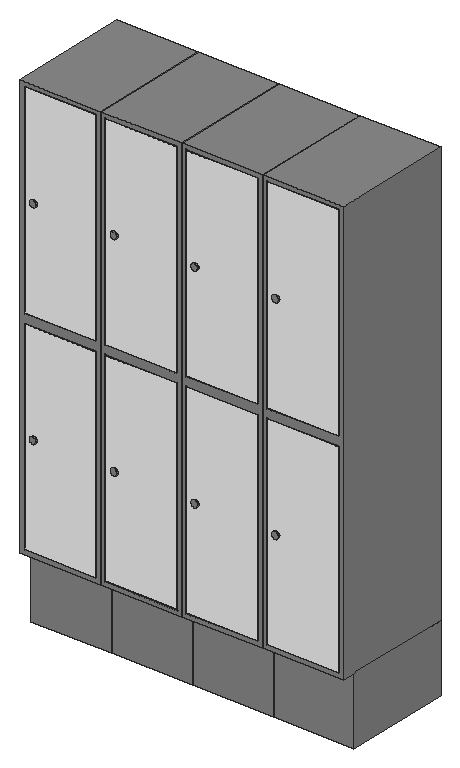
Revit family
Parameters (values of type "Locker x2 Row")
  Plinth Setback = 50 mm
  Plinth Height = 250 mm
  No of Lockers [instance] = 4
  Material Lockers = Paint - Grey
  Material Doors = Paint - White
  Lockers Depth = 450 mm
  Locker Width = 300 mm
  Locker Height = 1575 mm
  Keynote = "N"
  Assembly Code = ""
Reference planes
  plane 1 "Center (Front/Back)": y = 0
  plane 2: z = 0
  plane 3 "Center (Left/Right)": x = 0
Lines and regions (mm)
  Masking region 1
    outline origin (0, 0, 0) x (1, 0, 0) y (0, 1, 0)
      loop
        line (-150, 0) -> (-150, -450) -> (1050, -450) -> (1050, 0) -> (-150, 0)
Dimensions and locks
  equal spacing: group 1, group 2, group 3, group 4  (x3)
  equal spacing: nested 1, plane 3 "Center (Left/Right)", nested 1
  locked: nested 1 to nested 2 at 0
  aligned: Masking region 1 sketch curve to nested 1  (x2)
  aligned: nested 4 to Masking region 1 sketch curve
  aligned: Masking region 1 sketch curve to nested 4
Automatic sketch dimensions
  Masking region 1 sketch curve to plane 1 "Center (Front/Back)" = 0 mm
  Masking region 1 sketch curve to plane 3 "Center (Left/Right)" = 150 mm
  plane 1 "Center (Front/Back)" to Masking region 1 sketch curve = 450 mm
  plane 3 "Center (Left/Right)" to Masking region 1 sketch curve = 1050 mm
Nested families
  nested 1: "Uk_Lockers x 2" at (154.179, -600, 0), type "Uk_Lockers x 2"
    with Locker Height 1575 mm
  nested 2: "Uk_Lockers x 2" at (454.179, -600, 0), type "Uk_Lockers x 2"
    with Locker Height 1575 mm
  nested 3: "Uk_Lockers x 2" at (754.179, -600, 0), type "Uk_Lockers x 2"
    with Locker Height 1575 mm
  nested 4: "Uk_Lockers x 2" at (1054.179, -600, 0), type "Uk_Lockers x 2"
    with Locker Height 1575 mm
Definition of nested family "Uk_Lockers x 2"
  Parameters
    Width = 300 mm
    Vis Ironmongery = yes
    Plinth Setback = 50 mm
    Plinth Height = 250 mm
    Material Plinth = Paint - Grey
    Material Locker = Paint - Grey
    Material Door = Paint - White
    Locker Height = 1775 mm
    Depth = 450 mm
  Reference planes
    plane 1 "Center (Front/Back)": y = 150
    plane 2: z = 0
    plane 3 "Center (Left/Right)": x = -154.179
    plane 4: y = 600
    plane 5: x = -304.179
    plane 6: x = -4.179
    plane 7: z = 250
    plane 8: z = 2025
    plane 9: z = 2010
    plane 10: z = 265
    plane 11: x = -289.179
    plane 12: x = -19.179
    plane 13: z = 1152.5
    plane 14: z = 1137.5
    plane 15: z = 1122.5
    plane 16: x = -44.179
    plane 17: x = -94.179
  Forms (mm)
    Extrusion 1, solid, material "Paint - Grey" <- "Material Plinth"
      sketch origin (0, 0, 0) x (1, 0, 0) y (0, 1, 0)
        loop
          line (-304.179, 600) -> (-304.179, 200) -> (-4.179, 200) -> (-4.179, 600) -> (-304.179, 600)
      from 0 to 250
    Extrusion 2, solid, material "Paint - Grey" <- "Material Locker"
      sketch origin (-154.179, 0, 0) x (0, 1, 0) y (0, 0, 1)
        loop
          line (150, 2025) -> (150, 250) -> (600, 250) -> (600, 2025) -> (150, 2025)
      from -150 to 150
    Extrusion 3, void
      sketch origin (-4.179, 150, 2025) x (1, 0, 0) y (0, 0, -1)
        loop
          line (-285, 1760) -> (-285, 902.5) -> (-15, 902.5) -> (-15, 1760) -> (-285, 1760)
        loop
          line (-285, 872.5) -> (-285, 15) -> (-15, 15) -> (-15, 872.5) -> (-285, 872.5)
      from 0 to 435
    Extrusion 4, solid, material "Paint - White" <- "Material Door"
      sketch origin (-4.179, 150, 2025) x (-1, 0, 0) y (0, 0, -1)
        loop
          line (282, 18) -> (282, 869.5) -> (18, 869.5) -> (18, 18) -> (282, 18)
        loop
          line (282, 905.5) -> (282, 1757) -> (18, 1757) -> (18, 905.5) -> (282, 905.5)
      from -15 to 0
    Extrusion 5, solid, material "Paint - Grey", visible <- "Vis Ironmongery"
      sketch origin (0, 150, 0) x (1, 0, 0) y (0, 0, 1)
        loop
          circle (-254.555, 1581.25) r 12.5
        loop
          circle (-254.555, 693.75) r 12.5
      from 0 to 3
  Cuts and joins
    Extrusion 3 cuts Extrusion 1
    Extrusion 3 cuts Extrusion 2
  Lines and regions (mm)
    model lines, style "InvisibleLines"
      curve 1: line (-154.179, 150, 2025) -> (-154.179, 600, 2025)
  Dimensions and locks
    equal spacing: plane 5, plane 3 "Center (Left/Right)", plane 6
    "Width": plane 5 to plane 6
    "Depth": plane 1 "Center (Front/Back)" to plane 4
    "Locker Height": plane 8 to plane 7
    "Plinth Height": plane 7 to level
    locked: plane 8 to plane 9 at 15
    locked: plane 10 to plane 7 at 15
    locked: plane 5 to plane 11 at 15
    locked: plane 12 to plane 6 at 15
    equal spacing: plane 8, plane 14, plane 7
    equal spacing: plane 13, plane 14, plane 15, locked at 15 each
    locked: plane 11 to Extrusion 5 sketch curve at 34.624
    equal spacing: plane 8, Extrusion 5 sketch curve, plane 14
    plane 11 to Extrusion 5 sketch curve = 34.624 mm
    equal spacing: plane 14, Extrusion 5 sketch curve, plane 7
    locked: Extrusion 5 to plane 1 "Center (Front/Back)" at 3
    "Plinth Setback": plane 1 "Center (Front/Back)" to cut or joined group of Extrusion 1, Extrusion 3
    locked: plane 13 to plane 15 at 30
    aligned and locked: Extrusion 1 to plane 7
    aligned and locked: Extrusion 1 to level
    aligned and locked: Extrusion 2 sketch curve to curve 1
    aligned and locked: plane 5 to Extrusion 2
    aligned and locked: Extrusion 2 to plane 6
    aligned and locked: plane 13 to Extrusion 3 sketch curve
  Automatic sketch dimensions
    Extrusion 1 sketch curve to plane 1 "Center (Front/Back)" = 50 mm
    Extrusion 1 sketch curve to plane 5 = 0 mm
    Extrusion 1 sketch curve to plane 6 = 0 mm
    Extrusion 1 sketch curve to plane 4 = 0 mm
    curve 1 to plane 1 "Center (Front/Back)" = 0 mm
    curve 1 to plane 4 = 0 mm
    curve 1 to plane 8 = 0 mm
    Extrusion 2 sketch curve to plane 1 "Center (Front/Back)" = 0 mm
    Extrusion 2 sketch curve to plane 4 = 0 mm
    Extrusion 2 sketch curve to plane 7 = 0 mm
    Extrusion 3 sketch curve to plane 10 = 0 mm
    Extrusion 3 sketch curve to plane 11 = 0 mm  (x2)
    Extrusion 3 sketch curve to plane 12 = 0 mm  (x2)
    Extrusion 3 sketch curve to plane 9 = 0 mm
    Extrusion 3 sketch curve to plane 15 = 0 mm
    Extrusion 4 sketch curve to plane 12 = 3 mm  (x2)
    Extrusion 4 sketch curve to plane 11 = 3 mm  (x2)
    plane 9 to Extrusion 4 sketch curve = 3 mm
    plane 15 to Extrusion 4 sketch curve = 3 mm
    Extrusion 4 sketch curve to plane 10 = 3 mm
    Extrusion 4 sketch curve to Extrusion 4 sketch curve = 36 mm
    radius of Extrusion 5 sketch curve = 12.5 mm  (x2)
